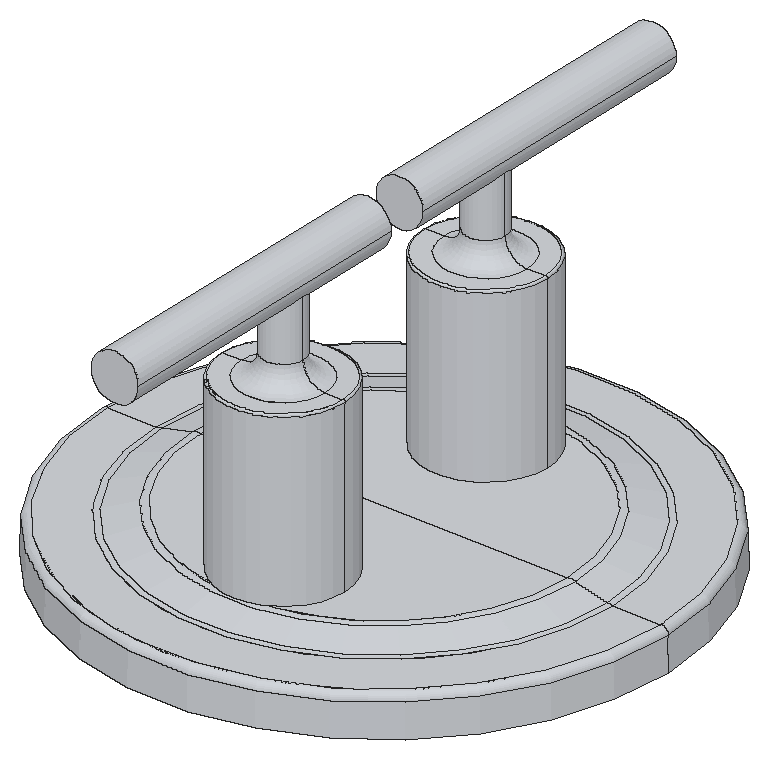
Revit family "Shower-Valve_Trim-KOHLER-Purist-K-T14489", category Generic Models, host Face, Revit 2015
Parameters (values of type "CP-Polished Chrome")
  Width = 7 1/4"  # constant formula
  Waste Water Outlet = "Waste Water Outlet"  # constant formula
  URL = "https://www.us.kohler.com/us/"
  Type = 1
  Product Page URL = "http://www.us.kohler.com/us/catalog/productDetails.jsp?productNumber=T14489-4"
  Product Name = "Purist"  # constant formula
  Product Documentation Link = "http://www.us.kohler.com/onlinecatalog/pdf/K-T14489-4_spec.pdf"
  Panel Thickness = 0"
  Model = if(Type = 1, "K-T14489-4-CP", if(Type = 2, "K-T14489-4-SN", if(Type = 3, "K-T14489-4-BN", if(Type = 4, "K-T14489-4-BV", "0"))))  # "K-T14489-4-CP"
  Material = "Premium material construction"  # constant formula
  MasterFormat 2004 = "22.41.23"  # constant formula
  MasterFormat 1995 = "15410"  # constant formula
  Manufacturer Address = "444 Highland Dr, Kohler, WI 53044"  # constant formula
  Manufacturer = "KOHLER Co."  # constant formula
  Length = 7 1/4"  # constant formula
  Hot Water Inlet = "Hot Water Inlet"  # constant formula
  Height = 4 1/4"  # constant formula
  Finish = Kohler-Metal-CP-Polished_Chrome
  Environmental Product Declaration = ""
  Description = "Valve trim with lever handles for stacked valve, requires valve "  # constant formula
  Default Elevation = 42"
  Declare Label = ""
  Date Modified = "02/02/2018"  # constant formula
  Date Created = "02/02/2018"  # constant formula
  Copyright = "Copyright KOHLER Co."  # constant formula
  Contact Us = "https://www.us.kohler.com/us/static/contact.jsp"
  Cold Water Inlet = "Cold Water Inlet"  # constant formula
  Assembly Code = "D2010700"
  ADA Compliant = yes
Types (5): name | Type | Model | Finish
  (no name) | 1 | "K-T14489-4-CP" | Kohler-Metal-CP-Polished_Chrome
  CP-Polished Chrome | 1 | "K-T14489-4-CP" | Kohler-Metal-CP-Polished_Chrome
  SN-Vibrant Polished Nickel | 2 | "K-T14489-4-SN" | Kohler-Metal-SN-Vibrant_Polished_Nickel
  BN-Vibrant Brushed Nickel | 3 | "K-T14489-4-BN" | Kohler-Metal-BN-Vibrant_Brushed_Nickel
  BV-Vibrant Brushed Bronze | 4 | "K-T14489-4-BV" | Kohler-Metal-BV-Brushed_Bronze
Reference planes (in)
  plane 1 "Center (Front/Back)": y = 0
  plane 2: z = 0
  plane 3 "Center (Left/Right)": x = 0
  plane 4: x = -3.62469
  plane 5: x = 3.62531
  plane 6: y = 3.62501
  plane 7: y = -3.62499
  plane 8: z = 4.25
Dimensions and locks (in)
  "Length": plane 7 to plane 6
  "Width": plane 4 to plane 5
  "Height": plane 8 to plane 2
  aligned and locked: plane 2 to host face
  aligned and locked: level to host face
Automatic sketch dimensions
  host sketch curve to host sketch curve = 96"  (x2)
Nested families (in)
  nested 1: "K-T14489" at (0, 0, 0), type "K-T14489"
Definition of nested family "K-T14489"
  Parameters (values of type "K-T14489")
    Finish = none
  Reference planes (in)
    plane 1 "Center (Front/Back)": y = 0
    plane 2: z = 0
    plane 3 "Center (Left/Right)": x = 0
    plane 4: y = -3.59376
    plane 5: y = 3.59376
    plane 6: x = 3.59344
    plane 7: x = -3.59344
    plane 8: z = 4.23663
  Forms (in)
    Revolve 1, solid, material <- "Finish"
      sketch origin (0, 0, 0) x (1, 0, 0) y (0, 0, 1)
        loop
          line (0, 0.63) -> (0, 0) -> (3.59344, 0) -> (3.58617, 0.41634)
          arc (3.58617, 0.41634) -> (3.5574, 0.4833) -> (3.48995, 0.5109) r 0.09623
          line (3.48995, 0.5109) -> (2.88545, 0.5109)
          arc (2.88545, 0.5109) -> (2.84899, 0.51312) -> (2.81308, 0.51975) r 0.30023
          line (2.81308, 0.51975) -> (2.41527, 0.61856)
          arc (2.41527, 0.61856) -> (2.36884, 0.62713) -> (2.32171, 0.63) r 0.38812
          line (2.32171, 0.63) -> (0, 0.63)
        axis (0, 0) -> (0, 0.63)
      angle from 0 to 360
    Extrusion 2, solid, material <- "Finish"
      sketch origin (0, 0, 0) x (1, 0, 0) y (0, 0, 1)
        loop
          circle (-0.00781, 3.94116) r 0.29558
      from 0.25414 to 4.24314
    Revolve 3, solid, material <- "Finish"
      sketch origin (0, -1.59754, 0) x (1, 0, 0) y (0, 0, 1)
        loop
          line (0, 3.91929) -> (0, 0.63) -> (0.78127, 0.63) -> (0.78127, 2.76831)
          arc (0.78127, 2.76831) -> (0.77411, 2.7856) -> (0.75681, 2.79277) r 0.02446
          line (0.75681, 2.79277) -> (0.52576, 2.79277)
          arc (0.52576, 2.79277) -> (0.33077, 2.87354) -> (0.25, 3.06853) r 0.27576
          line (0.25, 3.06853) -> (0.25, 3.91929) -> (0, 3.91929)
        axis (0, 0.63) -> (0, 3.91929)
      angle from 0 to 360
    Extrusion 4, solid, material <- "Finish"
      sketch origin (0, 0, 0) x (1, 0, 0) y (0, 0, -1)
        loop
          circle (-0.00781, -3.94116) r 0.29558
      from 0.25414 to 4.24314
    Revolve 5, solid, material <- "Finish"
      sketch origin (0, 1.59754, 0) x (1, 0, 0) y (0, 0, -1)
        loop
          line (0, -3.91929) -> (0.25, -3.91929) -> (0.25, -3.06853)
          arc (0.25, -3.06853) -> (0.33077, -2.87354) -> (0.52576, -2.79277) r 0.27576
          line (0.52576, -2.79277) -> (0.75681, -2.79277)
          arc (0.75681, -2.79277) -> (0.77411, -2.7856) -> (0.78127, -2.76831) r 0.02446
          line (0.78127, -2.76831) -> (0.78127, -0.63) -> (0, -0.63) -> (0, -3.91929)
        axis (0, -0.63) -> (0, -3.91929)
      angle from 0 to 360
  Lines and regions (in)
    Masking region 1
      outline origin (0, 0, 0) x (1, 0, 0) y (0, 1, 0)
        loop
          arc (0.28776, -3.5819) -> (3.59344, 0) -> (0.28776, 3.5819) r 3.59344
          line (0.28776, 3.5819) -> (0.28776, 4.24314) -> (-0.30388, 4.24314) -> (-0.30388, 3.58057)
          arc (-0.30388, 3.58057) -> (-3.59344, 0.00218) -> (-0.30823, -3.58019) r 3.59344
          line (-0.30823, -3.58019) -> (-0.30823, -4.24314) -> (0.28776, -4.24314) -> (0.28776, -3.5819)
    Masking region 2
      outline origin (0, 0, 0) x (1, 0, 0) y (0, 0, 1)
        loop
          line (3.59344, 0) -> (3.5862, 0.41437)
          arc (3.5862, 0.41437) -> (3.55693, 0.48251) -> (3.48829, 0.51059) r 0.09793
          line (3.48829, 0.51059) -> (2.89563, 0.51059)
          arc (2.89563, 0.51059) -> (2.85123, 0.51331) -> (2.8075, 0.52141) r 0.36429
          line (2.8075, 0.52141) -> (2.41989, 0.61806)
          arc (2.41989, 0.61806) -> (2.36685, 0.62789) -> (2.31301, 0.63118) r 0.4418
          line (2.31301, 0.63118) -> (0.78139, 0.63118) -> (0.78139, 2.76831)
          arc (0.78139, 2.76831) -> (0.77425, 2.78556) -> (0.757, 2.7927) r 0.02439
          line (0.757, 2.7927) -> (0.52707, 2.7927)
          arc (0.52707, 2.7927) -> (0.33215, 2.87344) -> (0.25141, 3.06835) r 0.27565
          line (0.25141, 3.06835) -> (0.25141, 3.79915)
          arc (0.25141, 3.79915) -> (0.24846, 4.08843) -> (0, 4.23663) r 0.29558
          arc (0, 4.23663) -> (-0.21404, 4.15291) -> (-0.30339, 3.94116) r 0.29558
          arc (-0.30339, 3.94116) -> (-0.2901, 3.85352) -> (-0.25141, 3.77376) r 0.29558
          line (-0.25141, 3.77376) -> (-0.25141, 3.06835)
          arc (-0.25141, 3.06835) -> (-0.33215, 2.87344) -> (-0.52707, 2.7927) r 0.27565
          line (-0.52707, 2.7927) -> (-0.757, 2.7927)
          arc (-0.757, 2.7927) -> (-0.77425, 2.78556) -> (-0.78139, 2.76831) r 0.02439
          line (-0.78139, 2.76831) -> (-0.78139, 0.63118) -> (-2.31301, 0.63118)
          arc (-2.31301, 0.63118) -> (-2.36685, 0.62789) -> (-2.41989, 0.61806) r 0.4418
          line (-2.41989, 0.61806) -> (-2.8075, 0.52141)
          arc (-2.8075, 0.52141) -> (-2.85123, 0.51331) -> (-2.89563, 0.51059) r 0.36429
          line (-2.89563, 0.51059) -> (-3.48829, 0.51059)
          arc (-3.48829, 0.51059) -> (-3.55693, 0.48251) -> (-3.5862, 0.41437) r 0.09793
          line (-3.5862, 0.41437) -> (-3.59344, 0) -> (3.59344, 0)
    Masking region 3
      outline origin (0, 0, 0) x (0, 1, 0) y (0, 0, 1)
        loop
          line (-4.24314, 3.64558) -> (-1.8481, 3.64558) -> (-1.8481, 3.07303)
          arc (-1.8481, 3.07303) -> (-1.93019, 2.87483) -> (-2.12839, 2.79273) r 0.28029
          line (-2.12839, 2.79273) -> (-2.35111, 2.79273)
          arc (-2.35111, 2.79273) -> (-2.37089, 2.78454) -> (-2.37908, 2.76476) r 0.02798
          line (-2.37908, 2.76476) -> (-2.37908, 0.62587) -> (-2.85481, 0.51149) -> (-3.48299, 0.51149)
          arc (-3.48299, 0.51149) -> (-3.55563, 0.48177) -> (-3.58661, 0.40967) r 0.10363
          line (-3.58661, 0.40967) -> (-3.59376, 0) -> (3.59376, 0) -> (3.58661, 0.40967)
          arc (3.58661, 0.40967) -> (3.55563, 0.48177) -> (3.48299, 0.51149) r 0.10363
          line (3.48299, 0.51149) -> (2.85481, 0.51149) -> (2.37908, 0.62587) -> (2.37908, 2.76476)
          arc (2.37908, 2.76476) -> (2.37089, 2.78454) -> (2.35111, 2.79273) r 0.02798
          line (2.35111, 2.79273) -> (2.12839, 2.79273)
          arc (2.12839, 2.79273) -> (1.93019, 2.87483) -> (1.8481, 3.07303) r 0.28029
          line (1.8481, 3.07303) -> (1.8481, 3.64558) -> (4.24314, 3.64558) -> (4.24314, 4.23673) -> (0.25414, 4.23673) -> (0.25414, 3.64558) -> (1.34697, 3.64558) -> (1.34697, 3.07596)
          arc (1.34697, 3.07596) -> (1.26442, 2.87667) -> (1.06513, 2.79273) r 0.28184
          line (1.06513, 2.79273) -> (0.84509, 2.79273)
          arc (0.84509, 2.79273) -> (0.82531, 2.78454) -> (0.81711, 2.76476) r 0.02798
          line (0.81711, 2.76476) -> (0.81711, 0.62587) -> (-0.81711, 0.62587) -> (-0.81711, 2.76476)
          arc (-0.81711, 2.76476) -> (-0.82531, 2.78454) -> (-0.84509, 2.79273) r 0.02798
          line (-0.84509, 2.79273) -> (-1.06513, 2.79412)
          arc (-1.06513, 2.79412) -> (-1.26442, 2.87667) -> (-1.34697, 3.07596) r 0.28184
          line (-1.34697, 3.07596) -> (-1.34697, 3.64558) -> (-0.25414, 3.64558) -> (-0.25414, 4.23673) -> (-4.24314, 4.23673) -> (-4.24314, 3.64558)
    symbolic lines, detail levels medium+fine
      curve 1: arc (-0.30388, 2.31729, 0) -> (-0.78127, 1.59754, 0) -> (-0.30388, 0.87779, 0) r 0.78127
      curve 2: arc (0.28776, 2.32389, 0) -> (0.78127, 1.59754, 0) -> (0.28776, 0.8712, 0) r 0.78127
      curve 3: arc (-0.30388, -0.87779, 0) -> (-0.78127, -1.59754, 0) -> (-0.30388, -2.31729, 0) r 0.78127
      curve 4: arc (0.28776, -0.8712, 0) -> (0.78127, -1.59754, 0) -> (0.28776, -2.32389, 0) r 0.78127
      curve 5: line (-0.30388, 3.58057, 0) -> (-0.30388, 0.25414, 0)
      curve 6: line (-0.30388, 0.25414, 0) -> (0.28776, 0.25414, 0)
      curve 7: line (0.28776, 0.25414, 0) -> (0.28776, 3.5819, 0)
      curve 8: line (-0.30388, -3.58057, 0) -> (-0.30388, -0.25414, 0)
      curve 9: line (-0.30388, -0.25414, 0) -> (0.28776, -0.25414, 0)
      curve 10: line (0.28776, -0.25414, 0) -> (0.28776, -3.5819, 0)
      curve 11: arc (-0.25141, 0, 3.77376) -> (0, 0, 3.64455) -> (0.25141, 0, 3.77376) r 0.3092
      curve 12: line (-0.52707, 0, 2.7927) -> (0.52707, 0, 2.7927)
      curve 13: line (-0.78139, 0, 0.63118) -> (0.78139, 0, 0.63118)
      curve 14: line (0, -1.8481, 3.64558) -> (0, -1.34697, 3.64558)
      curve 15: line (0, 1.34697, 3.64558) -> (0, 1.8481, 3.64558)
      curve 16: line (0, -2.12839, 2.79273) -> (0, -1.06513, 2.79273)
      curve 17: line (0, 1.06513, 2.79412) -> (0, 2.15623, 2.79412)
      curve 18: line (0, -2.37908, 0.62587) -> (0, -0.81711, 0.62587)
      curve 19: line (0, 0.81711, 0.62587) -> (0, 2.37908, 0.62587)
  Dimensions and locks (in)
    plane 7 to plane 6 = 7.18688"
    plane 4 to plane 5 = 7 3/16"
    plane 8 to level = 4.23663"
    aligned and locked: plane 2 to level
